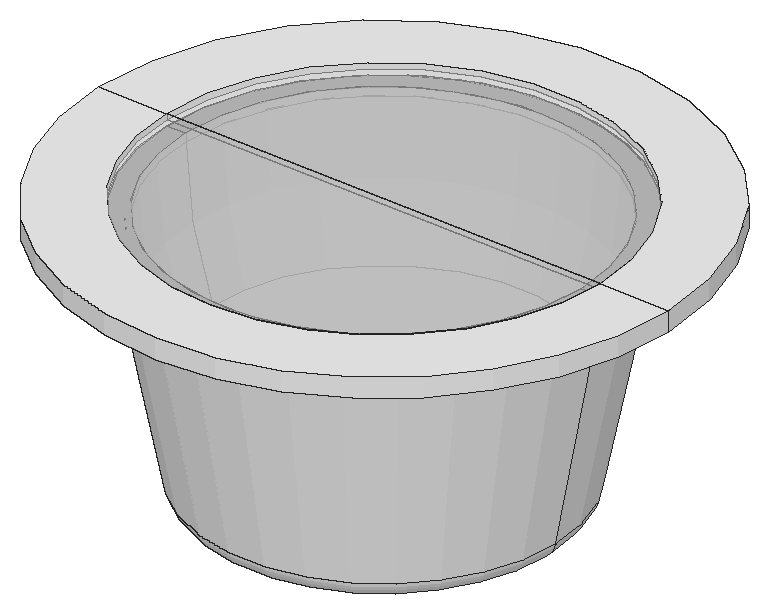
Revit family "2060550+2028034 Sylvania Lighting Fixture ASCENT 100 II ARCH 1900 3K STD 160 with IP44 Clear Glass", category Lighting Fixtures, host Face, Revit 2016
Family settings
  Host = Face
  Part Type = Normal
  Round Connector Dimension = Use Diameter
  OmniClass Number = 23.80.70.11.17
  OmniClass Title = Specialized Lighting by Location or Use
  Cut with Voids When Loaded = No
  Light Source = Yes
  Shared = No
  Room Calculation Point = No
Parameters (values of type "2060550+2028034 ASCT100 II ARCH 1900 3K STD 160 with IP44 Clear Glass")
  WidthBezelAcc_SYL = 25.0 mm
  Weight = "1.2 kg"
  Wattage = 17 W
  WarrantyStartDate [instance] = "n/a"
  WarrantyGuarantorParts = "n/a"
  WarrantyDurationUnit = "n/a"
  WarrantyDurationParts = "n/a"
  WarrantyDescription = "n/a"
  built-in parameter 1150110 = 1 (stored number, unit not read)
  Voltage = 0 V
  VisibilityAccessory_SYL = yes
  TypeName = "ASCENT 100 II ARCH 1900 3K STD 160"
  built-in parameter 1114217 = 1 (stored number, unit not read)
  Tilt Angle = -90°
  built-in parameter 1150109 = 1 (stored number, unit not read)
  built-in parameter 1150134 = (empty or 0)
  built-in parameter 1150113 = 1 (stored number, unit not read)
  SerialNumber [instance] = "n/a"
  ReflectorRadius_SYL = Radius_SYL - 14.5 mm  # 80.0 mm
  RadiusAcc_SYL = 105.0 mm
  Radius_SYL = 94.5 mm
  URL = "http://www.sylvania-lighting.com"
  PowerFactor = 0
  PowerConsumption = "17 W"
  Photometric Web File = "2060550.ies"
  NominalWidth = 0.0 mm
  NominalLength = 0.0 mm
  NominalHeight = 94.0 mm
  Name = "ASCENT 100 II ARCH 1900 3K STD 160"
  ModelReference = "ASCENT 100 II ARCH 1900 3K STD 160"
  ModelNumber = "2060550+2028034"
  Material_4_SYL = none
  Material_3_SYL = Polycarbonate_Sylvania_Ascent_Clear
  Material_2_SYL = Aluminium_Sylvania_Ascent_Silver
  Material_1_SYL = Aluminum_Sylvania_Ascent_White
  Material = "aluminium housing, arcylic diffuser"
  ManufacturerName = "Feilo Sylvania"
  LuminousEfficacy = "109 lm/W"
  built-in parameter 1150105 = 147.46 (stored number, unit not read)
  Lumens = 1853 lm
  LuminaireType = ""
  built-in parameter 1150115 = 1 (stored number, unit not read)
  LightOutputRatio = "100"
  built-in parameter 1150137 = (empty or 0)
  built-in parameter 1150139 = (empty or 0)
  LampsType = Lamp  # "LED"
  LampNominalLuminous = "1847 lm"
  LampMacAdamStep = "3"
  LampColourTemperature = "3000 K"
  LampColourRenderingIndex = "80"
  built-in parameter 1150112 = 1 (stored number, unit not read)
  built-in parameter 1150114 = 1 (stored number, unit not read)
  Keynote = "16500"
  InstallationDate [instance] = "n/a"
  InputVoltage = "n/a"
  InputNominalFrequency = "n/a"
  built-in parameter 1150132 = (empty or 0)
  built-in parameter 1150102 = (empty or 0)
  built-in parameter 1150107 = 3000 (stored number, unit not read)
  built-in parameter 1150138 = (empty or 0)
  IngressProtection = "IP44"
  ImpactProtectionIndex = "IK02"
  built-in parameter 1150106 = 1.4746 (stored number, unit not read)
  IfcExportType = "IfcLightFixtureType"
  IfcExportAs = "IfcLightFixtureType"
  Height_SYL = 94.0 mm
  HeightAcc_SYL = 7.0 mm
  ExpectedLife = 50000
  EmittionSurface_SYL = if(VisibilityAccessory_SYL, 7.0 mm, 3.0 mm)  # 7.0 mm
  Emit from Circle Diameter = DiffuserRadius_SYL * 2  # 146.0 mm
  Emit Shape Visible in Rendering = no
  ElectricShockClassification = "Class II"
  built-in parameter 1150104 = 10.126 (stored number, unit not read)
  DurationUnit = "hours"
  DocumentationLiterature = "http://www.sylvania-lighting.com/product/en-int/products/2060550"
  DimmingControlOptions = "n/a"
  Dimming Lamp Color Temperature Shift = <None>
  DiffuserRadius_SYL = ReflectorRadius_SYL - 7.0 mm  # 73.0 mm
  Diameter_SYL = 2 * Radius_SYL  # 189.0 mm
  CutoutDiameter_SYL = Diameter_SYL - 13.0 mm  # 176.0 mm
  CreatedOn = "9/17/2018"
  CreatedBy = "@sylvania-lighting.com"
  Color Filter = 16777215
  built-in parameter 1114216 [instance] = 1 (stored number, unit not read)
  Model = "ASCENT 100 II ARCH 1900 3K STD 160"
  Manufacturer = "Feilo Sylvania"
  Lamp = "LED"
  Description = "Direct LED retro fit for original LED 100 Arch (160) single CFL lamp offering Matching lumen levels and improved light distribution of original LED 100 CFL lamp equivalents Typically half the power consumption compared to CFL Up to 112lm/W 160mm aperture Architectural reflector accepts range of glass accessories from existing LED 100 Arch 160 offering HE, HO and VHO versions equivalent of single 1 x 18W, 1 x 32W, 1 x 42W\r\n Additional VVHO versions which offer the performance circa 2 x 32W equivalent"  # constant formula
  Default Elevation = 0.0 mm
  built-in parameter 1140040 [instance] = 1
  BarCode [instance] = "n/a"
  built-in parameter 1114218 = 1 (stored number, unit not read)
  built-in parameter 1150133 = 10 (stored number, unit not read)
  AssetType = "Fixed"
  AssetIdentifier [instance] = "n/a"
  Assembly Code = "D5020200"
  Apparent Load = 17 VA
  Aperture_SYL = 2 * ReflectorRadius_SYL  # 160.0 mm
Reference planes
  plane 1 "Center (Front/Back)": y = 0
  plane 2: z = 0
  plane 3 "Center (Left/Right)": x = 0
  plane 4 "Fixture Bottom": z = 3
  plane 5: z = -52.5
  plane 6 "Fixture Top": z = -91
  plane 7: x = -105
  plane 8: z = 7
  plane 9: x = -80
  plane 10: z = 5
  plane 11: x = -103
Forms (mm)
  Extrusion 1, solid, material "Aluminum_Sylvania_Ascent_White", detail levels fine
    sketch origin (0, 0, 0) x (1, 0, 0) y (0, 1, 0)
      loop
        circle (0, 0) r 94.5
      loop
        circle (0, 0) r 80
    from 0 to 3
  Extrusion 2, void
    sketch origin (0, 0, 0) x (1, 0, 0) y (0, 1, 0)
      loop
        circle (0, 0) r 88
    from -91 to 3
  Revolve 3, solid, material "Aluminum_Sylvania_Ascent_White" <- "Material_1_SYL", detail levels fine
    sketch origin (0, 0, 0) x (1, 0, 0) y (0, 0, 1)
      loop
        line (0, -91.073) -> (0, -89.023) -> (-55.468, -89.014)
        arc (-55.468, -89.014) -> (-59.352, -87.613) -> (-61.54, -84.139) r 6.307
        line (-61.54, -84.139) -> (-77.991, -2.844) -> (-77.991, 0) -> (-80, 0) -> (-80, -3) -> (-63.5, -84.536)
        arc (-63.5, -84.536) -> (-60.643, -89.203) -> (-55.5, -91.073) r 8.291
        line (-55.5, -91.073) -> (0, -91.073)
      axis (0, 0) -> (0, -91.073)
    angle from 0 to 360
  Revolve 4, solid, material "Aluminium_Sylvania_Ascent_Silver" <- "Material_2_SYL", detail levels fine
    sketch origin (0, 0, 0) x (1, 0, 0) y (0, 0, 1)
      loop
        line (-80, 3) -> (-80, 0) -> (-75, 0)
        arc (-75, 0) -> (-72.349, -26.77) -> (-64.5, -52.5) r 136.5
        line (-64.5, -52.5) -> (-58, -52.5)
        arc (-58, -52.5) -> (-56.857, -61.521) -> (-53.5, -69.971) r 36.166
        line (-53.5, -69.971) -> (0, -69.971) -> (0, -50.5) -> (-63.16, -50.5)
        arc (-63.16, -50.5) -> (-70.517, -25.725) -> (-73, 0) r 134.5
        line (-73, 0) -> (-73, 3) -> (-80, 3)
      axis (0, 3) -> (0, -69.971)
    angle from 0 to 360
  Extrusion 5, solid, material "Polycarbonate_Sylvania_Ascent_Clear" <- "Material_3_SYL", detail levels fine
    sketch origin (0, 0, 0) x (1, 0, 0) y (0, 1, 0)
      loop
        circle (0, 0) r 73
    from 0 to 3
  Revolve 6, solid, material "Aluminum_Sylvania_Ascent_White" <- "Material_1_SYL", detail levels coarse+medium
    sketch origin (0, 0, 0) x (1, 0, 0) y (0, 0, 1)
      loop
        line (0, -91.073) -> (0, 3) -> (-94.5, 3) -> (-94.5, 0) -> (-79.5, 0) -> (-79.5, -3) -> (-63, -84.536)
        arc (-63, -84.536) -> (-60.143, -89.203) -> (-55, -91.073) r 8.291
        line (-55, -91.073) -> (0, -91.073)
      axis (0, 3) -> (0, -91.073)
    angle from 0 to 360
  Revolve 7, solid, material "Aluminum_Sylvania_Ascent_White" <- "Material_1_SYL", visible <- "VisibilityAccessory_SYL"
    sketch origin (0, 0, 0) x (1, 0, 0) y (0, 0, 1)
      loop
        line (-105, 0) -> (-103, 0) -> (-103, 5) -> (-80, 5) -> (-80, 7) -> (-105, 7) -> (-105, 0)
      axis (0, 7) -> (0, 0)
    angle from 0 to 360
  Revolve 8, solid, material "Polycarbonate_Sylvania_Ascent_Clear" <- "Material_3_SYL", visible <- "VisibilityAccessory_SYL"
    sketch origin (0, 0, 0) x (1, 0, 0) y (0, 0, 1)
      loop
        line (-80, 7) -> (-80, 5) -> (0, 5) -> (0, 7) -> (-80, 7)
      axis (0, 7) -> (0, 5)
    angle from 0 to 360
Lines and regions (mm)
  reference lines
    curve 1: line (-150, 0, 7) -> (125, 0, 7)
Dimensions and locks
  locked: plane 4 "Fixture Bottom" to plane 2 at 3
  "Height_SYL": plane 4 "Fixture Bottom" to plane 6 "Fixture Top"
  "ReflectorRadius_SYL": plane 3 "Center (Left/Right)" to Revolve 4 sketch curve
  locked: Revolve 4 sketch curve to Revolve 4 sketch curve at 15.5
  locked: Revolve 4 sketch curve to Revolve 4 sketch curve at 5
  locked: Revolve 4 sketch curve to Revolve 4 sketch curve at 7
  locked: Revolve 4 sketch curve to Revolve 4 sketch curve at 22
  locked: Revolve 4 sketch curve to Revolve 4 sketch curve at 26.5
  locked: Revolve 3 sketch curve to Revolve 3 sketch curve at 16.5
  locked: Revolve 3 sketch curve to Revolve 3 sketch curve at 24.5
  "ReflectorRadius_SYL": Revolve 3 sketch curve to plane 3 "Center (Left/Right)"
  locked: Revolve 3 sketch curve to plane 6 "Fixture Top" at 6.464
  locked: plane 2 to Revolve 3 sketch curve at 3
  locked: Revolve 3 sketch curve to Revolve 3 sketch curve at 2
  locked: Revolve 3 sketch curve to Revolve 3 sketch curve at 2.009
  locked: plane 2 to plane 5 at 52.5
  locked: Revolve 6 sketch curve to Revolve 6 sketch curve at 31.5
  locked: Revolve 6 sketch curve to Revolve 6 sketch curve at 39.5
  locked: Revolve 6 sketch curve to Revolve 6 sketch curve at 15
  "Radius_SYL": plane 3 "Center (Left/Right)" to Revolve 6 sketch curve
  "RadiusAcc_SYL": plane 3 "Center (Left/Right)" to plane 7
  "HeightAcc_SYL": plane 8 to level
  "WidthBezelAcc_SYL": plane 7 to plane 9
  locked: plane 7 to plane 11 at 2
  locked: plane 8 to plane 10 at 2
  "EmittionSurface_SYL": curve 1 to level
  "CutoutDiameter_SYL": diameter of Extrusion 2 sketch curve
  "ReflectorRadius_SYL": radius of Extrusion 1 sketch curve
  "DiffuserRadius_SYL": radius of Extrusion 5 sketch curve
  "Radius_SYL": radius of Extrusion 1 sketch curve
  aligned and locked: host face to plane 2
  aligned and locked: host face to level
  aligned and locked: plane 4 "Fixture Bottom" to Extrusion 1
  aligned and locked: Extrusion 1 to plane 2
  aligned and locked: Revolve 3 sketch curve to plane 3 "Center (Left/Right)"
  aligned and locked: Revolve 4 sketch curve to plane 3 "Center (Left/Right)"  (x2)
  aligned and locked: plane 4 "Fixture Bottom" to Revolve 4 sketch curve
  aligned and locked: Extrusion 5 to plane 2
  aligned and locked: plane 2 to Revolve 3 sketch curve  (x2)
  aligned and locked: Revolve 6 sketch curve to plane 3 "Center (Left/Right)"
  aligned and locked: plane 6 "Fixture Top" to Extrusion 2
  aligned and locked: Revolve 7 sketch curve to plane 3 "Center (Left/Right)"
  aligned and locked: host face to Revolve 7 sketch curve  (x2)
  aligned and locked: Revolve 7 sketch curve to plane 7
  aligned and locked: plane 8 to Revolve 7 sketch curve
  aligned and locked: plane 9 to Revolve 7 sketch curve
  aligned and locked: Revolve 7 sketch curve to plane 10
  aligned and locked: plane 11 to Revolve 7 sketch curve
  aligned and locked: Revolve 7 to Revolve 8 sketch curve
  aligned and locked: Revolve 8 sketch curve to Revolve 7  (x2)
  aligned and locked: Revolve 8 sketch curve to plane 3 "Center (Left/Right)"  (x2)
  aligned and locked: plane 3 "Center (Left/Right)" to imposter light
  aligned and locked: imposter light to plane 1 "Center (Front/Back)"
  aligned and locked: imposter light to curve 1
Automatic sketch dimensions
  plane 1 "Center (Front/Back)" to Extrusion 2 sketch curve = 0.0 mm
  Extrusion 2 sketch curve to plane 3 "Center (Left/Right)" = 0.0 mm
  Extrusion 1 sketch curve to Extrusion 1 sketch curve = 0.0 mm  (x2)
  plane 1 "Center (Front/Back)" to Extrusion 1 sketch curve = 0.0 mm
  Extrusion 1 sketch curve to plane 3 "Center (Left/Right)" = 0.0 mm
  plane 6 "Fixture Top" to Revolve 3 sketch curve = 0.073 mm
  Revolve 3 sketch curve to plane 6 "Fixture Top" = 6.861 mm
  Revolve 3 sketch curve to Revolve 3 sketch curve = 0.003 mm
  Revolve 3 sketch curve to Revolve 3 sketch curve = 0.009 mm  (x2)
  Revolve 3 sketch curve to Revolve 3 sketch curve = 0.023 mm
  Revolve 3 sketch curve to Revolve 3 sketch curve = 0.072 mm
  Revolve 3 sketch curve to Revolve 3 sketch curve = 0.008 mm
  Revolve 3 sketch curve to plane 6 "Fixture Top" = 1.977 mm
  Revolve 3 sketch curve to Revolve 3 sketch curve = 33.496 mm
  Revolve 3 sketch curve to Revolve 3 sketch curve = 0.028 mm
  plane 4 "Fixture Bottom" to Revolve 3 sketch curve = 82.431 mm
  Revolve 4 sketch curve to Revolve 4 sketch curve = 0.0 mm  (x2)
  Revolve 4 sketch curve to plane 5 = 0.0 mm
  Revolve 4 sketch curve to level = 0.0 mm
  plane 5 to Revolve 4 sketch curve = 2.0 mm
  plane 4 "Fixture Bottom" to Revolve 4 sketch curve = 9.642 mm
  plane 1 "Center (Front/Back)" to Extrusion 5 sketch curve = 0.0 mm
  Extrusion 5 sketch curve to plane 3 "Center (Left/Right)" = 0.0 mm
  Revolve 4 sketch curve to level = 69.971 mm
  Revolve 4 sketch curve to Revolve 4 sketch curve = 2.387 mm
  Revolve 6 sketch curve to level = 0.0 mm
  Revolve 6 sketch curve to plane 3 "Center (Left/Right)" = 0.0 mm
  Revolve 6 sketch curve to Revolve 6 sketch curve = 8.104 mm
  Revolve 6 sketch curve to level = 3.0 mm
  Revolve 6 sketch curve to plane 6 "Fixture Top" = 6.464 mm
  plane 6 "Fixture Top" to Revolve 6 sketch curve = 0.073 mm
  Revolve 6 sketch curve to Revolve 6 sketch curve = 33.496 mm
  plane 4 "Fixture Bottom" to Revolve 6 sketch curve = 82.431 mm
  host sketch curve to host sketch curve = 1704.996 mm
  host sketch curve to host sketch curve = 1500.0 mm
  plane 6 "Fixture Top" to Revolve 7 sketch curve = 281.274 mm
  Revolve 7 sketch curve to plane 8 = 1140.706 mm
  plane 6 "Fixture Top" to Revolve 8 sketch curve = 281.274 mm
  Revolve 8 sketch curve to Revolve 8 sketch curve = 1140.706 mm
  Revolve 3 sketch curve to plane 3 "Center (Left/Right)" = 0.0 mm
  Revolve 6 sketch curve to plane 4 "Fixture Bottom" = 0.0 mm
  plane 7 to curve 1 = 45.0 mm
  plane 3 "Center (Left/Right)" to curve 1 = 125.0 mm
Connectors
  electrical at (0, 0, -91.073), driven by "Apparent Load"
    settings: on Revolve 3, index 1, voltage 240 V, apparent load 0 VA, apparent load phase1 17 VA, apparent load phase2 0 VA, apparent load phase3 0 VA, power factor 1, load classification "Lighting", number of poles 1, system type 31, power factor state 1, is connector primary yes, connector utility no, sub classification motor no, connector description ""
